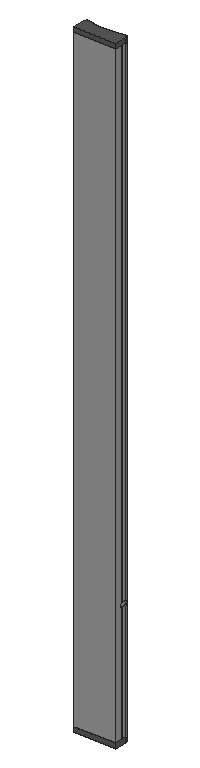
Revit family "JC KONTAKTER JCK148 Armbågskontakt", category Specialty Equipment, host Wall, Revit 2025
Family settings
  Host = Wall
  Round Connector Dimension = Use Diameter
  Part Type = Normal
  Enable Cutting in Views = Yes
  Always vertical = Yes
  Cut with Voids When Loaded = No
  Maintain Annotation Orientation = No
  Shared = No
  Room Calculation Point = No
Parameters (values of type "Armbågskontakt JCK148")
  URL = "https://jckontakter.se/produkt/armbagskontakter-metall/armbagskontakt-med-sparkfunktion-jck148/"
  Tillverkningsland = "Sverige"
  Tillvalsförteckning = "https://jckontakter.se/wp-content/uploads/sites/2/Tillval_metall_2024.pdf"
  Tekniskt produktblad = "https://jckontakter.se/wp-content/uploads/2019/09/Tekniskt-blad_JCK148.pdf"
  Produktvikt = "1.905 kg"
  Placering av armbågskontakt = "https://jckontakter.se/start/nyheter-och-information/armbagskontakter-placering-riktlinjer/"
  Nominell märkström = "12 V - Resistive 6A Inductive L/R 5ms 6A, 24 V - Resistive 6A Inductive L/R 5ms 5A"
  Model = "JCK148"  # constant formula
  Mikrobrytare = "Standard NO IP67"
  Manufacturer = "JC Kontakter"  # constant formula
  Lägsta märkström = "1mA/4 V DC"
  Lid Finish = Aluminum ENAW 6060
  Keynote = ""
  End Cap Finish = POM Tenac C 4520
  Description = "Kombinerad armbågskontakt/sparkkontakt. Lång modell som är tillverkad i silvereloxerad aluminium, med tryckyta upptill och sparkyta i botten.\r\n\r\nJCK148 tillhör en serie armbågskontakter som är kombinerade med sparkkontakt nedtill. Modellerna är särskilt utvecklade för att underlätta för t.ex. sjukhuspersonal att snabbt och enkelt kunna öppna dörrar med t.ex. sängen, armbågen, höften eller foten."  # constant formula
  Default Elevation = 0 mm
  Core Finish = Aluminum ENAW 6060
  CE Dokument = "https://jckontakter.se/wp-content/uploads/CE_Dokument.pdf"
  Assembly Code = ""
  Antal mikrobrytare = 5
Types (2, lengths in mm): name | URL | Tekniskt produktblad | Produktvikt | Nominell märkström | Antal mikrobrytare
  Type 1 | "https://jckontakter.se/produkt/armbagskontakter-metall/armbagskontakt-i-aluminium-jck108/" | "https://jckontakter.se/wp-content/uploads/2019/09/Tekniskt-blad_JCK108.245.pdf" | "0.305 kg" | "0,1A - 10 A/250 V AC" | 2
  Armbågskontakt JCK148 | "https://jckontakter.se/produkt/armbagskontakter-metall/armbagskontakt-med-sparkfunktion-jck148/" | "https://jckontakter.se/wp-content/uploads/2019/09/Tekniskt-blad_JCK148.pdf" | "1.905 kg" | "12 V - Resistive 6A Inductive L/R 5ms 6A, 24 V - Resistive 6A Inductive L/R 5ms 5A" | 5
Reference planes
  plane 1 "Wall": y = 0
  plane 2 "Center (Left/Right)": x = 125
  plane 3 "Back": y = 75
  plane 4 "A": z = 800
Lines and regions (mm)
  Masking region 1
    outline origin (0, 0, -100) x (1, 0, 0) y (0, 0, 1)
      loop
        line (175, 2100) -> (75, 2100) -> (75, 900) -> (175, 900) -> (175, 2100)
  symbolic lines
    curve 1: line (75, 125, 0) -> (175, 125, 0)
    curve 2: line (75, 75, 0) -> (75, 125, 0)
    curve 3: line (175, 75, 0) -> (75, 75, 0)
    curve 4: line (175, 125, 0) -> (175, 75, 0)
    curve 5: line (175, 0, 2000) -> (75, 0, 2000)
    curve 6: line (175, 0, 800) -> (175, 0, 2000)
    curve 7: line (75, 0, 800) -> (175, 0, 800)
    curve 8: line (75, 0, 2000) -> (75, 0, 800)
Text (mm)
  text "Placement Side" at (-1848.837, 1116.779, 0), in view "Ref. Level"
  text "Placement side" at (0, 1409.804, 2854.306), in view "Left"
  text "Placement side" at (0, 499.811, 2980.732), in view "Right"
Dimensions and locks
  locked: plane 3 "Back" to host wall
  locked: curve 3 to curve 1 at 50
  aligned and locked: plane 1 "Wall" to host wall
  aligned and locked: nested 1 to plane 3 "Back"
  aligned and locked: curve 3 to plane 3 "Back"
  aligned and locked: plane 4 "A" to curve 7
  aligned and locked: curve 6 to Masking region 1
  aligned and locked: curve 8 to Masking region 1
Nested families
  nested 1: "AK_148" at (125, 75, 800) x (-1, 0, 0) z (0, 0, 1), type "AK_148", detail levels medium+fine
Definition of nested family "AK_148"
  Parameters (values of type "AK_148")
    URL = "https://jckontakter.se/produkt/armbagskontakter-metall/armbagskontakt-med-sparkfunktion-jck148/"
    Model = "JCK148"  # constant formula
    Middle separator Finish = none
    Manufacturer = "JC Kontakter"  # constant formula
    Lid Finish = none
    End Cap Finish = none
    Description = "Kombinerad armbågskontakt/sparkkontakt. Lång modell som är tillverkad i silvereloxerad aluminium, med tryckyta upptill och sparkyta i botten.\r\n\r\nJCK148 tillhör en serie armbågskontakter som är kombinerade med sparkkontakt nedtill. Modellerna är särskilt utvecklade för att underlätta för t.ex. sjukhuspersonal att snabbt och enkelt kunna öppna dörrar med t.ex. sängen, armbågen, höften eller foten."  # constant formula
    Default Elevation = 0 mm
    Core Finish = none
  Reference planes
    plane 1 "Center (Front/Back)": y = 0
    plane 2: z = 0
    plane 3 "Center (Left/Right)": x = 0
    plane 4 "1": x = 40
    plane 5 "A": z = 9
    plane 6 "B": z = 1191
    plane 7: y = -17.83
    plane 8 "C": z = 236
    plane 9: y = -17.83
  Forms (mm)
    Extrusion 1, solid, material <- "Core Finish"
      sketch origin (40, 0, 9) x (1, 0, 0) y (0, 1, 0)
        loop
          line (-80, 0) -> (-80, -10) -> (-73.2, -10) -> (-73.2, -15) -> (-6, -15) -> (-6, -10) -> (0, -10) -> (0, 0) -> (-80, 0)
      from 0 to 1182
    Extrusion 2, solid, material <- "Lid Finish"
      sketch origin (-40, 0, 9) x (-1, 0, 0) y (0, -1, 0)
        loop
          line (-6.8, 17.58) -> (-6.8, 15) -> (0, 15) -> (0, 23)
          arc (0, 23) -> (-1.864, 26.894) -> (-6.066, 27.885) r 5
          arc (-6.066, 27.885) -> (-40, 24) -> (-73.934, 27.885) r 150.141
          arc (-73.934, 27.885) -> (-78.136, 26.894) -> (-80, 23) r 5
          line (-80, 23) -> (-80, 15) -> (-74, 15) -> (-74, 17.58) -> (-6.8, 17.58)
      from 0 to 226
    Extrusion 3, solid, material <- "End Cap Finish"
      sketch origin (-40, 0, 0) x (1, 0, 0) y (0, 1, 0)
        loop
          arc (0, -23) -> (1.864, -26.894) -> (6.066, -27.885) r 5
          arc (6.066, -27.885) -> (40, -24) -> (73.934, -27.885) r 150.141
          arc (73.934, -27.885) -> (78.136, -26.894) -> (80, -23) r 5
          line (80, -23) -> (80, 0) -> (0, 0) -> (0, -23)
      from 0 to 9
    Extrusion 4, void
      sketch origin (0, 0, 0) x (1, 0, 0) y (0, 1, 0)
        loop
          circle (-29.75, -12.25) r 3.75
        loop
          circle (29.75, -12.25) r 3.75
      from 0 to 4
    Extrusion 5, solid, material <- "End Cap Finish"
      sketch origin (0, 0, 1191) x (-1, 0, 0) y (0, -1, 0)
        loop
          arc (40, 23) -> (38.136, 26.894) -> (33.934, 27.885) r 5
          arc (33.934, 27.885) -> (0, 24) -> (-33.934, 27.885) r 150.141
          arc (-33.934, 27.885) -> (-38.136, 26.894) -> (-40, 23) r 5
          line (-40, 23) -> (-40, 0) -> (40, 0) -> (40, 23)
      from 0 to 9
    Extrusion 6, solid, material <- "Middle separator Finish"
      sketch origin (0, 0, 236) x (-1, 0, 0) y (0, -1, 0)
        loop
          arc (40, 23) -> (38.136, 26.894) -> (33.934, 27.885) r 5
          arc (33.934, 27.885) -> (0, 24) -> (-33.934, 27.885) r 150.141
          arc (-33.934, 27.885) -> (-38.136, 26.894) -> (-40, 23) r 5
          line (-40, 23) -> (-40, 10) -> (-34, 10) -> (-34, 17.58) -> (33.2, 17.58) -> (33.2, 10) -> (40, 10) -> (40, 23)
      from 0 to 5
    Extrusion 7, solid, material <- "Lid Finish"
      sketch origin (0, 0, 236) x (-1, 0, 0) y (0, -1, 0)
        loop
          line (33.2, 17.58) -> (33.2, 15) -> (40, 15) -> (40, 23)
          arc (40, 23) -> (38.136, 26.894) -> (33.934, 27.885) r 5
          arc (33.934, 27.885) -> (0, 24) -> (-33.934, 27.885) r 150.141
          arc (-33.934, 27.885) -> (-38.136, 26.894) -> (-40, 23) r 5
          line (-40, 23) -> (-40, 15) -> (-34, 15) -> (-34, 17.58) -> (33.2, 17.58)
      from 6 to 955
  Cuts and joins
    Extrusion 4 cuts Extrusion 3
  Dimensions and locks
    aligned and locked: level to plane 2
    aligned and locked: plane 6 "B" to Extrusion 1
    aligned and locked: plane 6 "B" to Extrusion 7
